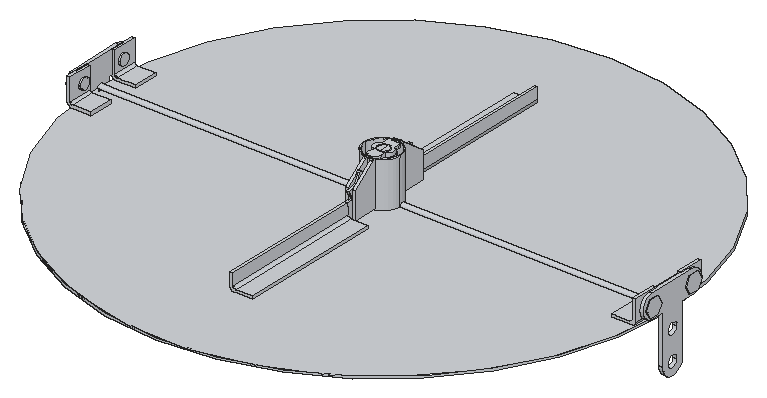
Revit family "26101_CVR", category Air Terminals, Revit 2012
Parameters (values of type "CVR")
  Visible_Texto = or(or(Diametro_Requerido < 6", Diametro_Requerido > 16"), not(Diametro_Requerido = (Var1 * 1")))  # no
  Var1 = roundup(Diametro_Requerido / 2") * 2  # 12
  URL = "https://www.innes.com.mx"
  Type Comments = "Para cuellos redondos de rejillas y difusores"
  Tipo de Cuello = "Redondo"
  Posición de Instalación = "Techo"
  Nota1 = if(Diametro_Requerido < 6", "Diámetro  no disponible, mínimo 6 in", if(Diametro_Requerido > 16", "Diámetro  no disponible, máximo 16 in", if(Diametro_Requerido = (Var1 * 1"), ".", "Diámetro No Válido. Solo incrementos de 2 in")))  # "."
  Model = "CVR"
  Material = "Acero"
  Manufacturer = "INNES"
  Función = "Balance"
  Diametro_Requerido = 12"
  Description = "Control de volumen"
  Cuello Min-Max = "6\" hasta 16\" en Incrementos de 2\"."
  Conect = if(or((Var1 * 1") < 6", (Var1 * 1") = 6"), 2 15/16", if(or((Var1 * 1") > 16", (Var1 * 1") = 16"), 7 15/16", ((Var1 * 1") - 1" / 8) / 2))  # 5 15/16"
Reference planes (in)
  plane 1 "Center (Front/Back)": y = 0
  plane 2: z = 0
  plane 3 "Center (Left/Right)": x = 0
  plane 4 "conect": z = 0.04883
Dimensions and locks (in)
  level to plane 4 "conect" = 0.04883"
Nested families (in)
  nested 1: "CVR" at (0, 0, 0), type "CVR"
    with Var2 12", Var1 12, Refuerzo 3 31/32", Radio_A 5 15/16", Diametro_Requerido 12", Diametro_A 11 7/8"
  nested 2: "Texto_CG" at (9.2545, -63.09032, 0), type "texto"
    with Visible_Texto no
Connectors (in)
  hvac at (0, 0, 0.04883), driven by "Conect"
    settings: index 1, duct flow 0.0 L/s, flow factor 0, pres drop 0.0 Pa, loss coef 0, conn angle 0.00°, conn width 304.8 mm, conn height 304.8 mm, conn radius 150.812 mm, duct sys type 1, conn prof type 0, flow config 0, flow direction 0, loss method 0, conn ref index -1, conn util no, is conn primary yes, conn desc ""
  hvac at (0, 0, 0), driven by "Conect"
    settings: on nested 1, index 2, duct flow 0.0 L/s, flow factor 0, pres drop 0.0 Pa, loss coef 0, conn angle 0.00°, conn width 304.8 mm, conn height 304.8 mm, conn radius 150.812 mm, duct sys type 1, conn prof type 0, flow config 0, flow direction 0, loss method 0, conn ref index -1, conn util no, is conn primary no, conn desc ""
Definition of nested family "CVR"
  Parameters (values of type "CVR")
    Var2 = if(or((Var1 * 1") < 6", (Var1 * 1") = 6"), 6", if((Var1 * 1") = 8", 8", if((Var1 * 1") = 10", 10", if((Var1 * 1") = 12", 12", if((Var1 * 1") = 14", 14", if((Var1 * 1") = 16", 16", 16"))))))  # 10"
    Var1 = roundup(Diametro_Requerido / 2") * 2  # 10
    URL = "https://www.innes.com.mx"
    Refuerzo = (Radio_A / 2) + 1"  # 3 15/32"
    Radio_A = Diametro_A / 2  # 4 15/16"
    Model = "CVR"
    Diametro_Requerido = 10"
    Manufacturer = "INNES"
    Altura = 2 1/8"  # constant formula
    Diametro_A = Var2 - 1" / 8  # 9 7/8"
    Description = "Control de Volumen Cuello Redondo"
  Reference planes (in)
    plane 1 "Center (Front/Back)": y = 0
    plane 2: z = 0
    plane 3 "Center (Left/Right)": x = 0
    plane 4: x = 4.9375
    plane 5: x = -4.9375
    plane 6: y = 0.75
    plane 7: y = -0.75
    plane 8: z = 0.60944
    plane 9: z = -1.14069
    plane 10: z = 0.125
    plane 11: y = 0.25535
    plane 12: y = -0.25535
    plane 13: z = 0.98431
    plane 14: y = -3.46875
    plane 15: y = 3.46875
    plane 16: z = 0.39833
    plane 17: y = 0.96875
    plane 18: y = -0.96875
    plane 19: y = -0.32813
    plane 20: y = -0.8377
    plane 21: y = 0.32812
    plane 22: y = 0.8377
    plane 23: z = -0.02424
  Forms (in)
    Extrusion 1, solid
      sketch origin (0, 0, 0) x (1, 0, 0) y (0, 1, 0)
        loop
          circle (0, 0) r 4.9375
        loop
          circle (0, 0) r 0.36566
      from 0 to 0.04883
    Extrusion 2, solid
      sketch origin (0, 0, 0) x (0, 1, 0) y (0, 0, 1)
        loop
          circle (0, 0.04004) r 0.06428
      from -4.9375 to 4.9375
    Extrusion 3, solid
      sketch origin (0, -0.04069, 0) x (1, 0, 0) y (0, 1, 0)
        loop
          circle (0, 0) r 0.375
        loop
          circle (0, 0) r 0.35519
      from -0.27711 to 0.98431
    Extrusion 4, solid
      sketch origin (0, 0, 0) x (1, 0, 0) y (0, 1, 0)
        loop
          circle (0, 0) r 0.125
        loop
          line (-0.125, 0.23021) -> (-0.125, 0.12946)
          arc (-0.125, 0.12946) -> (-0.21461, 0.0064) -> (-0.125, -0.11666) r 0.1293
          line (-0.125, -0.11666) -> (-0.125, -0.23092)
          arc (-0.125, -0.23092) -> (0, -0.35592) -> (0.125, -0.23092) r 0.125
          line (0.125, -0.23092) -> (0.125, -0.11861)
          arc (0.125, -0.11861) -> (0.20776, 0) -> (0.125, 0.11861) r 0.12637
          line (0.125, 0.11861) -> (0.125, 0.23021)
          arc (0.125, 0.23021) -> (0, 0.35521) -> (-0.125, 0.23021) r 0.125
      from 0.92343 to 0.98431
    Extrusion 5, solid
      sketch origin (0, 0, 0) x (0, 1, 0) y (0, 0, 1)
        loop
          line (0.5151, 0.60944) -> (-0.51673, 0.60944)
          arc (-0.51673, 0.60944) -> (-0.75895, 0.36722) -> (-0.51673, 0.125) r 0.24222
          line (-0.51673, 0.125) -> (-0.25535, 0.125) -> (-0.25535, -0.89293)
          arc (-0.25535, -0.89293) -> (0, -1.14828) -> (0.25535, -0.89293) r 0.25535
          line (0.25535, -0.89293) -> (0.25535, 0.125) -> (0.5151, 0.125)
          arc (0.5151, 0.125) -> (0.75732, 0.36722) -> (0.5151, 0.60944) r 0.24222
        loop
          circle (0.5151, 0.36722) r 0.125
        loop
          circle (-0.51673, 0.36722) r 0.125
        loop
          circle (0, -0.89293) r 0.125
        loop
          circle (0, -0.27711) r 0.125
      from 4.9375 to 5.0221
    Extrusion 6, solid
      sketch origin (0, 0, 0) x (0, 1, 0) y (0, 0, 1)
        loop
          line (0.515, 0.60944) -> (-0.51447, 0.60944)
          arc (-0.51447, 0.60944) -> (-0.75669, 0.36722) -> (-0.51447, 0.125) r 0.24222
          line (-0.51447, 0.125) -> (-0.25535, 0.125) -> (-0.25535, -0.892)
          arc (-0.25535, -0.892) -> (0, -1.14735) -> (0.25535, -0.892) r 0.25535
          line (0.25535, -0.892) -> (0.25535, 0.125) -> (0.515, 0.125)
          arc (0.515, 0.125) -> (0.75722, 0.36722) -> (0.515, 0.60944) r 0.24222
        loop
          circle (0, -0.892) r 0.12407
        loop
          circle (0, -0.27711) r 0.125
        loop
          circle (-0.51447, 0.36722) r 0.12498
        loop
          circle (0.515, 0.36722) r 0.125
      from -4.99527 to -4.9375
    Extrusion 7, solid
      sketch origin (0.02884, 0.00097, 0) x (0.000753, -1, 0) y (0, 0, 1)
        loop
          line (-0.375, 0.98431) -> (-0.87477, 0.60944) -> (-0.87477, 0.04883) -> (-0.375, 0.04883) -> (-0.375, 0.98431)
        loop
          line (0.87477, 0.60944) -> (0.37477, 0.98457) -> (0.37477, 0.04883) -> (0.87477, 0.04883) -> (0.87477, 0.60944)
      from 0.06305 to 0.11666
    Extrusion 8, solid
      sketch origin (-0.00097, 0.00097, 0) x (0.000753, -1, 0) y (0, 0, 1)
        loop
          line (-0.375, 0.98431) -> (-0.87477, 0.60944) -> (-0.87477, 0.04883) -> (-0.375, 0.04883) -> (-0.375, 0.98431)
        loop
          line (0.37477, 0.9845) -> (0.37477, 0.04883) -> (0.87477, 0.04883) -> (0.87477, 0.60936) -> (0.37477, 0.9845)
      from -0.11861 to -0.05766
    Extrusion 9, solid
      sketch origin (0, 0, 0) x (0, 1, 0) y (0, 0, 1)
        loop
          line (-0.96875, 0.39833) -> (-0.96875, 0.05055) -> (-0.48356, 0.05055) -> (-0.3417, -0.06566) -> (-0.23764, 0.15241) -> (-0.03693, 0.20875) -> (-0.13577, 0.39833) -> (-0.01956, 0.54019) -> (-0.23764, 0.64425) -> (-0.29398, 0.81487) -> (-0.48356, 0.74611) -> (-0.62541, 0.83224) -> (-0.73332, 0.6481) -> (-0.93018, 0.58791) -> (-0.83134, 0.39833) -> (-0.96875, 0.39833)
        loop
          line (0.96875, 0.39833) -> (0.83203, 0.39833) -> (0.91731, 0.57705) -> (0.66309, 0.57705) -> (0.6853, 0.78931) -> (0.48437, 0.6481) -> (0.3076, 0.79478) -> (0.3076, 0.57511) -> (0.04066, 0.5425) -> (0.23721, 0.39833) -> (0.0606, 0.22172) -> (0.30329, 0.22172) -> (0.28069, -0.02489) -> (0.48414, 0.14856) -> (0.66262, 0.04883) -> (0.96875, 0.04883) -> (0.96875, 0.39833)
      from -0.03449 to 0.02801
    Extrusion 10, solid
      sketch origin (0, 0, 0) x (1, 0, 0) y (0, 0, 1)
        loop
          line (0.05953, 0.05055) -> (0.4357, 0.05055) -> (0.4357, 0.11305) -> (0.0825, 0.11305)
          arc (0.0825, 0.11305) -> (0.04397, 0.12901) -> (0.02801, 0.16753) r 0.05449
          line (0.02801, 0.16753) -> (0.02801, 0.39833) -> (-0.03449, 0.39833) -> (-0.03449, 0.14457)
          arc (-0.03449, 0.14457) -> (-0.00695, 0.07809) -> (0.05953, 0.05055) r 0.09402
      from 0.96875 to 3.46875
    Extrusion 11, solid
      sketch origin (0, 0, 0) x (1, 0, 0) y (0, 0, 1)
        loop
          line (-0.03449, 0.39833) -> (-0.03449, 0.16086)
          arc (-0.03449, 0.16086) -> (-0.04849, 0.12705) -> (-0.0823, 0.11305) r 0.04781
          line (-0.0823, 0.11305) -> (-0.47199, 0.11305) -> (-0.47199, 0.05055) -> (-0.06988, 0.05055)
          arc (-0.06988, 0.05055) -> (-0.00066, 0.07922) -> (0.02801, 0.14844) r 0.0979
          line (0.02801, 0.14844) -> (0.02801, 0.39833) -> (-0.03449, 0.39833)
      from -3.46875 to -0.96875
    Revolve 12, solid
      sketch origin (0, 0, 0) x (0, 1, 0) y (0, 0, 1)
        loop
          line (0.11861, 0.98431) -> (0.00097, 0.98431) -> (0.00097, -0.23222) -> (0.05979, -0.23222) -> (0.11861, -0.1734) -> (0.05979, -0.11458) -> (0.11861, -0.05577) -> (0.05979, 0.00305) -> (0.11861, 0.06187) -> (0.05979, 0.12068) -> (0.11861, 0.1795) -> (0.05979, 0.23832) -> (0.11861, 0.29714) -> (0.05979, 0.35595) -> (0.11861, 0.41477) -> (0.05979, 0.47359) -> (0.11861, 0.5324) -> (0.05979, 0.59122) -> (0.11861, 0.65004) -> (0.05979, 0.70886) -> (0.11861, 0.76767) -> (0.05979, 0.85167) -> (0.11861, 0.91049) -> (0.11861, 0.98431)
        axis (0.00097, 0.98431) -> (0.00097, -0.23222)
      angle from 0 to 360
    Extrusion 13, solid
      sketch origin (0, 0, 0) x (1, 0, 0) y (0, 0, 1)
        loop
          line (-4.9375, 0.60944) -> (-4.9375, 0.14711)
          arc (-4.9375, 0.14711) -> (-4.90872, 0.07761) -> (-4.83922, 0.04883) r 0.09828
          line (-4.83922, 0.04883) -> (-4.4375, 0.04883) -> (-4.4375, 0.11133) -> (-4.82872, 0.11133)
          arc (-4.82872, 0.11133) -> (-4.86144, 0.12489) -> (-4.875, 0.15761) r 0.04628
          line (-4.875, 0.15761) -> (-4.875, 0.60944) -> (-4.9375, 0.60944)
        loop
          line (4.9375, 0.60944) -> (4.875, 0.60944) -> (4.875, 0.23147)
          arc (4.875, 0.23147) -> (4.85606, 0.18576) -> (4.81035, 0.16682) r 0.06465
          line (4.81035, 0.16682) -> (4.4375, 0.16682) -> (4.4375, 0.10432) -> (4.85999, 0.10432)
          arc (4.85999, 0.10432) -> (4.9148, 0.12703) -> (4.9375, 0.18183) r 0.07751
          line (4.9375, 0.18183) -> (4.9375, 0.60944)
      from -0.8377 to -0.32813
    Extrusion 14, solid
      sketch origin (0, 0, 0) x (1, 0, 0) y (0, 0, 1)
        loop
          line (-4.9375, 0.60944) -> (-4.9375, 0.15205)
          arc (-4.9375, 0.15205) -> (-4.90727, 0.07906) -> (-4.83428, 0.04883) r 0.10322
          line (-4.83428, 0.04883) -> (-4.4375, 0.04883) -> (-4.4375, 0.11133) -> (-4.82637, 0.11133)
          arc (-4.82637, 0.11133) -> (-4.86076, 0.12557) -> (-4.875, 0.15996) r 0.04863
          line (-4.875, 0.15996) -> (-4.875, 0.60944) -> (-4.9375, 0.60944)
        loop
          line (4.9375, 0.60944) -> (4.875, 0.60944) -> (4.875, 0.23215)
          arc (4.875, 0.23215) -> (4.85587, 0.18596) -> (4.80967, 0.16682) r 0.06533
          line (4.80967, 0.16682) -> (4.4375, 0.16682) -> (4.4375, 0.10432) -> (4.86441, 0.10432)
          arc (4.86441, 0.10432) -> (4.91609, 0.12573) -> (4.9375, 0.17741) r 0.07309
          line (4.9375, 0.17741) -> (4.9375, 0.60944)
      from 0.32813 to 0.8377
    Extrusion 15, solid
      sketch origin (0, 0, 0) x (0, 1, 0) y (0, 0, 1)
        loop
          line (-0.61614, 0.53939) -> (-0.71554, 0.36722) -> (-0.61614, 0.19505) -> (-0.41733, 0.19505) -> (-0.31793, 0.36722) -> (-0.41733, 0.53939) -> (-0.61614, 0.53939)
        loop
          line (0.4157, 0.53939) -> (0.3163, 0.36722) -> (0.4157, 0.19505) -> (0.6145, 0.19505) -> (0.71391, 0.36722) -> (0.6145, 0.53939) -> (0.4157, 0.53939)
      from 5.0221 to 5.06128
    Extrusion 16, solid
      sketch origin (0, 0, 0) x (0, 1, 0) y (0, 0, 1)
        loop
          circle (0.5151, 0.36722) r 0.11173
        loop
          circle (-0.51673, 0.36724) r 0.11171
      from 4.84097 to 5.0221
    Extrusion 17, solid
      sketch origin (0, 0, 0) x (0, 1, 0) y (0, 0, 1)
        loop
          line (0.6145, 0.53939) -> (0.4157, 0.53939) -> (0.3163, 0.36722) -> (0.4157, 0.19505) -> (0.6145, 0.19505) -> (0.71391, 0.36722) -> (0.6145, 0.53939)
        loop
          line (-0.41733, 0.53939) -> (-0.61614, 0.53939) -> (-0.71554, 0.36722) -> (-0.61614, 0.19505) -> (-0.41733, 0.19505) -> (-0.31793, 0.36722) -> (-0.41733, 0.53939)
      from -5.06947 to -4.99527
    Extrusion 18, solid
      sketch origin (0, 0, 0) x (0, 1, 0) y (0, 0, 1)
        loop
          circle (0.5151, 0.36722) r 0.11173
        loop
          circle (-0.51673, 0.36724) r 0.11171
      from -4.99527 to -4.82027
  Dimensions and locks (in)
    equal spacing: plane 5, plane 3 "Center (Left/Right)", plane 4
    "Diametro_A": plane 5 to plane 4
    Extrusion 1 to level = 0.04883"
    equal spacing: plane 6, plane 1 "Center (Front/Back)", plane 7
    locked: plane 6 to plane 7 at 1.5
    plane 8 to plane 10 = 0.48444"
    equal spacing: plane 11, plane 1 "Center (Front/Back)", plane 12
    locked: plane 11 to plane 12 at 0.51069
    plane 8 to plane 9 = 1.75013"
    "Altura": plane 13 to plane 9
    locked: Extrusion 3 to Extrusion 4 at 0.06088
    locked: Extrusion 5 to plane 4 at 0.0846
    locked: Extrusion 6 to Extrusion 6 at 0.05777
    "Refuerzo": plane 1 "Center (Front/Back)" to plane 14
    plane 16 to Extrusion 1 = 0.3495"
    equal spacing: plane 17, plane 1 "Center (Front/Back)", plane 18
    plane 1 "Center (Front/Back)" to plane 18 = 31/32"
    equal spacing: plane 15, plane 1 "Center (Front/Back)", plane 14
    equal spacing: plane 21, plane 1 "Center (Front/Back)", plane 19
    equal spacing: plane 22, plane 1 "Center (Front/Back)", plane 20
    locked: plane 21 to plane 19 at 0.65625
    locked: plane 22 to plane 21 at 0.50957
    locked: Extrusion 13 to Extrusion 13 at 0.0625
    locked: Extrusion 15 to Extrusion 5 at 0.03918
    locked: Extrusion 17 to Extrusion 6 at 0.0742
    locked: Extrusion 18 to Extrusion 14 at 0.11723
    locked: Extrusion 16 to plane 4 at 0.09653
    "Radio_A": radius of Extrusion 1 sketch curve
    radius of Extrusion 2 sketch curve = 0.06428"
    radius of Extrusion 3 sketch curve = 3/8"
    radius of Extrusion 3 sketch curve = 0.35519"
    radius of Extrusion 1 sketch curve = 0.36566"
    aligned and locked: plane 2 to level
    aligned and locked: plane 5 to Extrusion 2
    aligned and locked: plane 4 to Extrusion 2
    aligned and locked: Extrusion 3 to Extrusion 4
    aligned and locked: plane 13 to Extrusion 3
    aligned and locked: Extrusion 5 sketch curve to plane 11
    aligned and locked: Extrusion 5 sketch curve to plane 12
    aligned and locked: plane 8 to Extrusion 5 sketch curve
    aligned and locked: Extrusion 5 sketch curve to plane 10
    aligned and locked: Extrusion 5 sketch curve to Extrusion 5 sketch curve
    aligned and locked: Extrusion 5 to plane 4
    aligned and locked: Extrusion 5 to Extrusion 6 sketch curve
    aligned and locked: Extrusion 6 sketch curve to plane 12
    aligned and locked: plane 8 to Extrusion 6 sketch curve
    aligned and locked: plane 10 to Extrusion 6 sketch curve
    aligned and locked: Extrusion 6 sketch curve to Extrusion 5
    aligned and locked: Extrusion 6 to plane 5
    aligned and locked: Extrusion 1 to Extrusion 7 sketch curve
    aligned and locked: Extrusion 8 sketch curve to Extrusion 8 sketch curve
    aligned and locked: Extrusion 7 to Extrusion 9
    aligned and locked: plane 16 to Extrusion 10 sketch curve
    aligned and locked: Extrusion 9 to Extrusion 10  (x2)
    aligned and locked: Extrusion 10 to Extrusion 9
    aligned and locked: plane 14 to Extrusion 10
    aligned and locked: Extrusion 11 sketch curve to Extrusion 9  (x3)
    aligned and locked: Extrusion 11 to plane 17
    aligned and locked: Extrusion 11 to plane 15
    aligned and locked: plane 8 to Extrusion 13
    aligned and locked: Extrusion 13 to Extrusion 1
    aligned and locked: plane 5 to Extrusion 13
    aligned and locked: Extrusion 13 to plane 22
    aligned and locked: Extrusion 13 to plane 21
    aligned and locked: plane 8 to Extrusion 14
    aligned and locked: Extrusion 14 to Extrusion 13  (x2)
    aligned and locked: Extrusion 14 to Extrusion 1
    aligned and locked: plane 5 to Extrusion 14
    aligned and locked: Extrusion 13 to Extrusion 14
    aligned and locked: Extrusion 14 to plane 19
    aligned and locked: Extrusion 14 to plane 20
    aligned and locked: Extrusion 15 to Extrusion 5
    aligned and locked: Extrusion 5 to Extrusion 16
    aligned and locked: Extrusion 17 to Extrusion 6
    aligned and locked: Extrusion 6 to Extrusion 18
  Automatic sketch dimensions
    Extrusion 2 sketch curve to plane 1 "Center (Front/Back)" = 0"
    level to Extrusion 2 sketch curve = 0.04004"
    Extrusion 3 sketch curve to Extrusion 3 sketch curve = 0"  (x2)
    plane 1 "Center (Front/Back)" to Extrusion 3 sketch curve = 0.04069"
    Extrusion 3 sketch curve to plane 3 "Center (Left/Right)" = 0"
    Extrusion 1 sketch curve to Extrusion 1 sketch curve = 0"  (x2)
    plane 1 "Center (Front/Back)" to Extrusion 1 sketch curve = 0"
    Extrusion 1 sketch curve to plane 3 "Center (Left/Right)" = 0"
    Extrusion 4 sketch curve to plane 1 "Center (Front/Back)" = 0.0064"
    plane 1 "Center (Front/Back)" to Extrusion 4 sketch curve = 0"  (x2)
    Extrusion 4 sketch curve to plane 3 "Center (Left/Right)" = 0"  (x3)
    Extrusion 4 sketch curve to plane 3 "Center (Left/Right)" = 0.08531"
    Extrusion 4 sketch curve to plane 3 "Center (Left/Right)" = 1/8"
    Extrusion 4 sketch curve to Extrusion 4 sketch curve = 1/8"
    Extrusion 4 sketch curve to Extrusion 4 sketch curve = 0.08139"
    plane 1 "Center (Front/Back)" to Extrusion 4 sketch curve = 0.11666"
    plane 1 "Center (Front/Back)" to Extrusion 4 sketch curve = 0.11861"
    Extrusion 4 sketch curve to Extrusion 4 sketch curve = 0.11231"
    Extrusion 4 sketch curve to Extrusion 4 sketch curve = 0.10075"
    Extrusion 5 sketch curve to Extrusion 5 sketch curve = 0"  (x7)
    Extrusion 5 sketch curve to plane 1 "Center (Front/Back)" = 0"
    Extrusion 5 sketch curve to plane 7 = 0.23327"
    plane 6 to Extrusion 5 sketch curve = 0.2349"
    Extrusion 5 sketch curve to level = 0.27711"
    plane 9 to Extrusion 5 sketch curve = 0.24776"
    Extrusion 6 sketch curve to Extrusion 6 sketch curve = 0"  (x6)
    Extrusion 6 sketch curve to plane 1 "Center (Front/Back)" = 0"
    Extrusion 6 sketch curve to plane 7 = 0.23553"
    plane 6 to Extrusion 6 sketch curve = 0.235"
    Extrusion 6 sketch curve to level = 0.27711"
    plane 9 to Extrusion 6 sketch curve = 0.24869"
    Extrusion 7 sketch curve to plane 8 = 0"  (x2)
    Extrusion 7 sketch curve to plane 13 = 0"
    Extrusion 7 sketch curve to Extrusion 7 sketch curve = 0.49977"
    plane 13 to Extrusion 7 sketch curve = 0.00026"
    Extrusion 7 sketch curve to Extrusion 7 sketch curve = 0.74977"
    level to Extrusion 7 sketch curve = 0.04883"
    Extrusion 7 sketch curve to Extrusion 7 sketch curve = 1/2"
    Extrusion 8 sketch curve to plane 8 = 0"
    Extrusion 8 sketch curve to plane 13 = 0"
    level to Extrusion 8 sketch curve = 0.04883"
    Extrusion 8 sketch curve to Extrusion 8 sketch curve = 0.49977"
    plane 13 to Extrusion 8 sketch curve = 0.00019"
    Extrusion 8 sketch curve to Extrusion 8 sketch curve = 0.74977"
    Extrusion 8 sketch curve to plane 8 = 0.00008"
    Extrusion 8 sketch curve to Extrusion 8 sketch curve = 1/2"
    Extrusion 9 sketch curve to plane 16 = 0"  (x4)
    Extrusion 9 sketch curve to plane 18 = 0"
    Extrusion 9 sketch curve to plane 17 = 0"
    Extrusion 9 sketch curve to plane 18 = 0.03857"
    plane 7 to Extrusion 9 sketch curve = 0.08134"
    Extrusion 9 sketch curve to plane 7 = 0.01668"
    Extrusion 9 sketch curve to plane 7 = 0.12459"
    level to Extrusion 9 sketch curve = 0.05055"
    plane 12 to Extrusion 9 sketch curve = 0.22821"
    Extrusion 9 sketch curve to Extrusion 9 sketch curve = 0.14186"
    plane 12 to Extrusion 9 sketch curve = 0.08635"
    plane 12 to Extrusion 9 sketch curve = 0.03863"
    Extrusion 9 sketch curve to plane 12 = 0.01771"  (x2)
    Extrusion 9 sketch curve to plane 12 = 0.11957"
    plane 1 "Center (Front/Back)" to Extrusion 9 sketch curve = 0.03693"
    plane 1 "Center (Front/Back)" to Extrusion 9 sketch curve = 0.01956"
    Extrusion 9 sketch curve to plane 1 "Center (Front/Back)" = 0.04066"
    Extrusion 9 sketch curve to plane 1 "Center (Front/Back)" = 0.0606"
    plane 11 to Extrusion 9 sketch curve = 0.01814"
    Extrusion 9 sketch curve to plane 11 = 0.02534"
    Extrusion 9 sketch curve to plane 11 = 0.04794"
    Extrusion 9 sketch curve to plane 11 = 0.05225"
    plane 10 to Extrusion 9 sketch curve = 0.02356"
    Extrusion 9 sketch curve to Extrusion 9 sketch curve = 0.18085"
    plane 8 to Extrusion 9 sketch curve = 0.03866"  (x2)
    Extrusion 9 sketch curve to Extrusion 9 sketch curve = 0.17678"
    plane 6 to Extrusion 9 sketch curve = 0.08738"
    Extrusion 9 sketch curve to plane 8 = 0.03239"
    plane 6 to Extrusion 9 sketch curve = 0.08691"
    plane 6 to Extrusion 9 sketch curve = 0.0647"
    Extrusion 9 sketch curve to plane 6 = 21/256"
    plane 17 to Extrusion 9 sketch curve = 0.05144"
    level to Extrusion 9 sketch curve = 0.04883"
    Extrusion 9 sketch curve to level = 0.02489"
    Extrusion 9 sketch curve to level = 0.06566"
    plane 10 to Extrusion 9 sketch curve = 0.02741"
    plane 10 to Extrusion 9 sketch curve = 0.08375"
    plane 10 to Extrusion 9 sketch curve = 0.09672"
    Extrusion 9 sketch curve to plane 8 = 0.06925"
    Extrusion 9 sketch curve to Extrusion 9 sketch curve = 0.00231"
    Extrusion 9 sketch curve to plane 8 = 0.03433"
    Extrusion 9 sketch curve to plane 8 = 0.02153"
    plane 8 to Extrusion 9 sketch curve = 0.03481"
    plane 8 to Extrusion 9 sketch curve = 0.13667"
    Extrusion 9 sketch curve to plane 13 = 0.195"
    Extrusion 9 sketch curve to plane 13 = 0.18953"
    Extrusion 9 sketch curve to plane 13 = 0.16944"
    Extrusion 9 sketch curve to plane 13 = 0.15207"
    Extrusion 10 sketch curve to plane 3 "Center (Left/Right)" = 0.03449"
    plane 3 "Center (Left/Right)" to Extrusion 10 sketch curve = 0.02801"
    Extrusion 10 sketch curve to Extrusion 10 sketch curve = 0.03152"
    Extrusion 10 sketch curve to Extrusion 10 sketch curve = 0.02296"
    level to Extrusion 10 sketch curve = 0.05055"
    Extrusion 10 sketch curve to Extrusion 10 sketch curve = 0.3532"
    Extrusion 10 sketch curve to plane 10 = 0.01195"
    Extrusion 11 sketch curve to Extrusion 11 sketch curve = 0.0354"
    Extrusion 11 sketch curve to plane 10 = 0.01195"
    Extrusion 11 sketch curve to Extrusion 11 sketch curve = 0.01241"
    Extrusion 11 sketch curve to Extrusion 11 sketch curve = 0.38969"
    level to Extrusion 11 sketch curve = 0.05055"
    Revolve 12 sketch curve to plane 13 = 0"  (x2)
    Revolve 12 sketch curve to plane 1 "Center (Front/Back)" = 0.00097"
    Revolve 12 sketch curve to Revolve 12 sketch curve = 0"  (x2)
    Revolve 12 sketch curve to Revolve 12 sketch curve = 0.05882"  (x6)
    Revolve 12 sketch curve to plane 1 "Center (Front/Back)" = 0.05979"  (x9)
    level to Revolve 12 sketch curve = 0.00305"
    Revolve 12 sketch curve to plane 10 = 0.00432"
    Revolve 12 sketch curve to Revolve 12 sketch curve = 0.11763"
    plane 16 to Revolve 12 sketch curve = 0.01644"
    plane 10 to Revolve 12 sketch curve = 0.0545"
    Revolve 12 sketch curve to level = 0.05577"
    plane 8 to Revolve 12 sketch curve = 0.0406"
    Revolve 12 sketch curve to level = 0.1734"
    Revolve 12 sketch curve to Revolve 12 sketch curve = 0.084"
    plane 5 to Extrusion 13 sketch curve = 0"
    Extrusion 13 sketch curve to plane 8 = 0"  (x2)
    Extrusion 13 sketch curve to plane 4 = 0"
    Extrusion 13 sketch curve to Extrusion 13 sketch curve = 1/16"
    level to Extrusion 13 sketch curve = 0.04883"
    Extrusion 13 sketch curve to plane 5 = 0.09828"
    Extrusion 13 sketch curve to Extrusion 13 sketch curve = 0.01051"
    Extrusion 13 sketch curve to plane 10 = 0.01367"
    Extrusion 13 sketch curve to Extrusion 13 sketch curve = 0.39122"
    plane 10 to Extrusion 13 sketch curve = 0.04182"
    Extrusion 13 sketch curve to plane 4 = 1/2"
    Extrusion 13 sketch curve to plane 4 = 0.12715"
    Extrusion 13 sketch curve to Extrusion 13 sketch curve = 0.04964"
    Extrusion 13 sketch curve to Extrusion 13 sketch curve = 0.01501"
    Extrusion 13 sketch curve to plane 10 = 0.02068"
    plane 5 to Extrusion 14 sketch curve = 0"
    Extrusion 14 sketch curve to plane 8 = 0"  (x2)
    Extrusion 14 sketch curve to plane 4 = 0"
    Extrusion 14 sketch curve to Extrusion 14 sketch curve = 1/16"
    Extrusion 14 sketch curve to Extrusion 14 sketch curve = 0.04072"
    Extrusion 14 sketch curve to Extrusion 14 sketch curve = 0.00792"
    Extrusion 14 sketch curve to plane 10 = 0.01367"
    Extrusion 14 sketch curve to Extrusion 14 sketch curve = 0.38887"
    plane 10 to Extrusion 14 sketch curve = 0.04182"
    Extrusion 14 sketch curve to plane 4 = 1/2"
    Extrusion 14 sketch curve to plane 4 = 0.12783"
    Extrusion 14 sketch curve to plane 10 = 0.02068"
    Extrusion 14 sketch curve to plane 4 = 0.07309"
    Extrusion 14 sketch curve to Extrusion 14 sketch curve = 0.01059"
    level to Extrusion 14 sketch curve = 0.04883"
    Extrusion 15 sketch curve to plane 7 = 0.03446"
    Extrusion 15 sketch curve to plane 7 = 0.13386"  (x2)
    plane 19 to Extrusion 15 sketch curve = 0.0892"  (x2)
    Extrusion 15 sketch curve to plane 19 = 0.0102"
    plane 21 to Extrusion 15 sketch curve = 0.01183"
    Extrusion 15 sketch curve to plane 21 = 0.08757"  (x2)
    plane 6 to Extrusion 15 sketch curve = 0.03609"
    plane 10 to Extrusion 15 sketch curve = 0.07005"  (x2)
    Extrusion 15 sketch curve to plane 16 = 0.03111"  (x4)
    Extrusion 15 sketch curve to plane 8 = 0.07005"  (x2)
    plane 6 to Extrusion 15 sketch curve = 0.1355"  (x2)
    Extrusion 16 sketch curve to plane 16 = 0.03109"
    Extrusion 16 sketch curve to plane 16 = 0.03111"
    Extrusion 16 sketch curve to plane 21 = 0.18698"
    plane 19 to Extrusion 16 sketch curve = 0.18861"
    Extrusion 17 sketch curve to plane 7 = 0.03446"
    Extrusion 17 sketch curve to plane 7 = 0.13386"  (x2)
    Extrusion 17 sketch curve to plane 19 = 0.0102"
    plane 21 to Extrusion 17 sketch curve = 0.01183"
    Extrusion 17 sketch curve to plane 21 = 0.08757"  (x2)
    plane 6 to Extrusion 17 sketch curve = 0.03609"
    plane 10 to Extrusion 17 sketch curve = 0.07005"  (x2)
    Extrusion 17 sketch curve to plane 16 = 0.03111"  (x4)
    Extrusion 17 sketch curve to plane 8 = 0.07005"  (x2)
    plane 19 to Extrusion 17 sketch curve = 0.0892"  (x2)
    plane 6 to Extrusion 17 sketch curve = 0.1355"  (x2)
    Extrusion 18 sketch curve to plane 16 = 0.03109"
    Extrusion 18 sketch curve to plane 16 = 0.03111"
    Extrusion 18 sketch curve to plane 21 = 0.18698"
    plane 19 to Extrusion 18 sketch curve = 0.18861"
    radius of Extrusion 4 sketch curve = 1/8"
    radius of Extrusion 5 sketch curve = 1/8"  (x4)
    radius of Extrusion 6 sketch curve = 0.12407"
    radius of Extrusion 6 sketch curve = 1/8"  (x2)
    radius of Extrusion 6 sketch curve = 0.12498"
    radius of Extrusion 16 sketch curve = 0.11173"
    radius of Extrusion 16 sketch curve = 0.11171"
    radius of Extrusion 18 sketch curve = 0.11171"
    radius of Extrusion 18 sketch curve = 0.11173"
Definition of nested family "Texto_CG"
  Parameters (values of type "texto")
    texto = "Caudal no Válido"
    Visible_Texto = yes
    Color = rojo
  Reference planes (in)
    plane 1 "Center (Front/Back)": y = 0
    plane 2: z = 0
    plane 3 "Center (Left/Right)": x = 0
